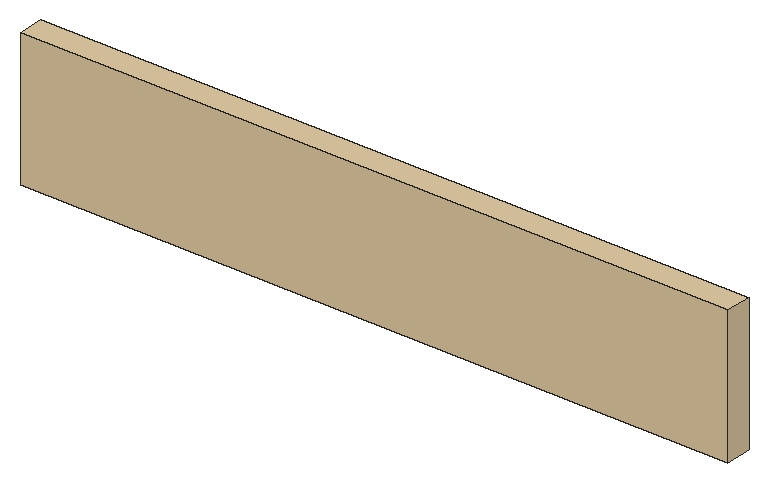
Revit family "061713 - Laminated Veneer Lumber", category Structural Framing, Revit 2020
Family settings
  Structural Framing Length Roundoff = 0' - 0"
  Section Shape = Not Defined
  Material for Model Behavior = Wood
  Always export as geometry = No
  OmniClass Number = 23.25.30.11.14.14
  OmniClass Title = Beams
  Always vertical = Yes
  Cut with Voids When Loaded = No
  Symbolic Representation = From Project Settings
  Shared = No
  Show family pre-cut in plan views = Yes
Parameters (values of type "LVL - 1 3/4" X 9 1/4"")
  Structural Material = LVL(s) - SIZE T.B.D.
  A = 10.88 in²
  Assembly Code = "B10"
  Length [instance] = 5' - 0"
  b = 0' - 1 3/4"
  d = 0' - 9 1/4"
Types (4): name | b | d
  LVL - 1 3/4" X 9 1/4" | 0' - 1 3/4" | 0' - 9 1/4"
  LVL - (2)1 3/4" X 11 7/8" | 0' - 3 1/2" | 0' - 11 7/8"
  LVL - 1 3/4" X 11 7/8" | 0' - 1 3/4" | 0' - 11 7/8"
  LVL - (2)1 3/4" X 9 1/4" | 0' - 3 1/2" | 0' - 9 1/4"
Reference planes (in)
  plane 1 "Center (Front/Back)": y = 0
  plane 2: z = 0
  plane 3 "Center (Left/Right)": x = 0.1815
  plane 4 "Member Left": x = -23.8185
  plane 5 "Member Right": x = 24.1815
  plane 6: y = 0.875
  plane 7: y = -0.875
  plane 8: z = 4.625
  plane 9: z = -4.625
  plane 10 "Left": x = -29.8185
  plane 11 "Stick Symbol Left": x = -17.8185
  plane 12 "Stick Symbol Right": x = 18.1815
  plane 13 "Right": x = 30.1815
Forms (in)
  Sweep 1, solid, material "LVL(s) - SIZE T.B.D." <- "Structural Material", detail levels medium+fine
    path origin (0, 0, 0) x (1, 0, 0) y (0, 1, 0)
      loop
        line (24.1815, 0) -> (-23.8185, 0)
    profile "Rectangular Wood Beam-Profile : Rectangular Wood Beam-Profile" origin (0.1815, 0, 0) x (0, -1, 0) y (0, 0, 1)
      loop
        line (-0.875, -4.625) -> (0.875, -4.625) -> (0.875, 4.625) -> (-0.875, 4.625) -> (-0.875, -4.625)
Lines and regions (in)
  symbolic lines, style "Stick Symbols", detail levels coarse
    curve 1: line (0.1815, 0.875, 4.625) -> (0.1815, -0.875, 4.625)
    curve 2: line (0.1815, -0.875, -4.625) -> (0.1815, 0.875, -4.625)
    curve 3: line (0.1815, -0.875, 4.625) -> (0.1815, -0.875, -4.625)
    curve 4: line (0.1815, 0.875, -4.625) -> (0.1815, 0.875, 4.625)
Dimensions and locks (in)
  "b": plane 6 to plane 7
  "d": plane 9 to plane 8
  equal spacing: plane 9, plane 2, plane 8
  equal spacing: plane 6, plane 1 "Center (Front/Back)", plane 7
  "Length": plane 10 "Left" to plane 13 "Right"
  aligned and locked: Sweep 1 sketch curve to plane 1 "Center (Front/Back)"
  aligned and locked: curve 1 to Sweep 1
  aligned and locked: curve 2 to Sweep 1
  aligned and locked: curve 3 to Sweep 1
  aligned and locked: curve 4 to Sweep 1
  aligned and locked: plane 4 "Member Left" to Sweep 1 sketch curve
  aligned and locked: plane 5 "Member Right" to Sweep 1 sketch curve
